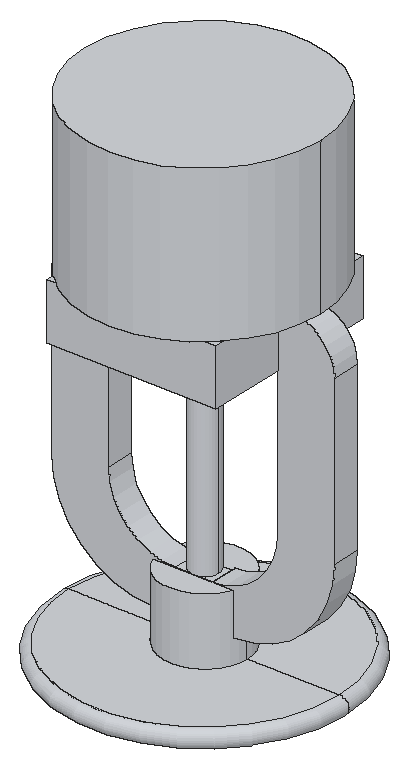
Revit family
Parameters (values of type "RASCO F1-300 PENDENT")
  Temperature Rating = 155 °F
  Response = (empty or 0)
  RASCO SIN # = "R5512"
  RASCO Part # = "FP1LB3"
  Pressure Rating = "300 PSI"
  Pressure Class = 1
  Orifice Size = 17/32"
  Orifice = (empty or 0)
  Model = "F1-300"
  Manufacturer = "RASCO"
  K-Factor = 8
  Description = "Bronze Finish"
  Coverage = (empty or 0)
Reference planes (in)
  plane 1 "Center (Front/Back)": y = 0
  plane 2: z = 0
  plane 3 "Center (Left/Right)": x = 0
Dimensions and locks (in)
  aligned and locked: plane 2 to level
Nested families (in)
  nested 1: "FP1LB3" at (-0.01148, 0, 2.4375) x (-1, 0, 0) z (0, 0, -1), type "RASCO F1-300 PENDENT"
Connectors (in)
  piping at (-0.01148, 0, 2.4375)
    settings: on nested 1, index 1, connector radius 1/2", flow factor 0, pipe flow 0 GPM, pressure drop 0.00 psi, fitting loss kfactor 0, connector angle 0.00°, fixture units 0, flow configuration 0, flow direction 0, fitting loss method 0, system type 7, connector reference index -1, connector utility 0, adjustable connector no, is connector primary yes, fitting loss table "", connector description ""
Definition of nested family "FP1LB3"
  Parameters (values of type "RASCO F1-300 PENDENT")
    Type Comments = ""
    Temperature Rating = 0 °F
    Response = (empty or 0)
    Pressure Rating = "0"
    Pressure Class = (empty or 0)
    Orifice Size = 0"
    Orifice = (empty or 0)
    Model = ""
    Manufacturer = ""
    K-Factor = 0
    Description = ""
    Coverage = (empty or 0)
    Assembly Code = ""
  Reference planes (in)
    plane 1 "Center (Front/Back)": y = 0
    plane 2: z = 0
    plane 3 "ref.2": z = 0.6875
    plane 4 "ref.3": z = 0.9375
    plane 5: x = -0.38065
    plane 6: x = 0.36935
    plane 7 "ref. side 1": y = 0.06402
    plane 8 "ref. side 2": y = -0.06098
    plane 9 "ref.4": z = 1.875
    plane 10 "ref.5": z = 2.3125
    plane 11 "ref.6": z = 2.4375
  Forms (in)
    Extrusion 1, solid
      sketch origin (0, 0, 0) x (1, 0, 0) y (0, 1, 0)
        loop
          circle (0, 0) r 0.5221
      from 0 to 0.6875
    Extrusion 2, solid
      sketch origin (-0.12185, 0.05177, 0.6875) x (1, 0, 0) y (0, 1, 0)
        loop
          line (-0.2588, 0.356) -> (-0.2588, -0.4565) -> (0.4912, -0.4565) -> (0.4912, 0.356) -> (-0.2588, 0.356)
      from 0 to 0.25
    Extrusion 3, solid
      sketch origin (0, 0, 0) x (1, 0, 0) y (0, 0, 1)
        loop
          line (-0.38065, 0.69674) -> (-0.38065, 1.58397)
          arc (-0.38065, 1.58397) -> (-0.29541, 1.78976) -> (-0.08962, 1.875) r 0.29103
          line (-0.08962, 1.875) -> (0.07524, 1.875)
          arc (0.07524, 1.875) -> (0.28321, 1.78886) -> (0.36935, 1.58089) r 0.29411
          line (0.36935, 1.58089) -> (0.36935, 0.69728)
          arc (0.36935, 0.69728) -> (0.54046, 0.72329) -> (0.61935, 0.87734) r 0.18984
          line (0.61935, 0.87734) -> (0.61935, 1.61676)
          arc (0.61935, 1.61676) -> (0.48879, 1.93194) -> (0.17361, 2.0625) r 0.44574
          line (0.17361, 2.0625) -> (-0.18509, 2.0625)
          arc (-0.18509, 2.0625) -> (-0.50015, 1.932) -> (-0.63065, 1.61694) r 0.44556
          line (-0.63065, 1.61694) -> (-0.63065, 0.87876)
          arc (-0.63065, 0.87876) -> (-0.55196, 0.72414) -> (-0.38065, 0.69674) r 0.19126
      from -0.06402 to 0.06098
    Extrusion 4, solid
      sketch origin (0, 0, 0.9375) x (-1, 0, 0) y (0, -1, 0)
        loop
          circle (0.00574, -0.00152) r 0.0625
      from 0 to 0.9375
    Extrusion 5, solid
      sketch origin (0, 0, 1.875) x (-1, 0, 0) y (0, -1, 0)
        loop
          circle (0.00574, -0.00152) r 0.1875
      from 0 to 0.4375
    Revolve 6, solid
      sketch origin (0, 0, -0.2777) x (1, 0, 0) y (0, 0, 1)
        loop
          line (-0.19324, 2.44821) -> (-0.19324, 2.52696) -> (-0.60485, 2.52696)
          arc (-0.60485, 2.52696) -> (-0.64423, 2.48759) -> (-0.60485, 2.44821) r 0.03938
          line (-0.60485, 2.44821) -> (-0.19324, 2.44821)
        axis (-0.00574, 2.44821) -> (-0.00574, 2.52696)
      angle from 0 to 360
  Cuts and joins
    joined: Extrusion 1, Extrusion 2, Extrusion 4, Revolve 6
  Lines and regions (in)
    model lines
      curve 1: line (-0.00574, 0.06402, 1.875) -> (-0.00574, -0.06098, 1.875)
  Dimensions and locks (in)
    Extrusion 3 to Extrusion 3 = 0' - 1 1/4"
    Extrusion 5 to cut or joined group of Extrusion 1, Extrusion 2, Extrusion 4, Revolve 6 = 0' - 2 5/16"
